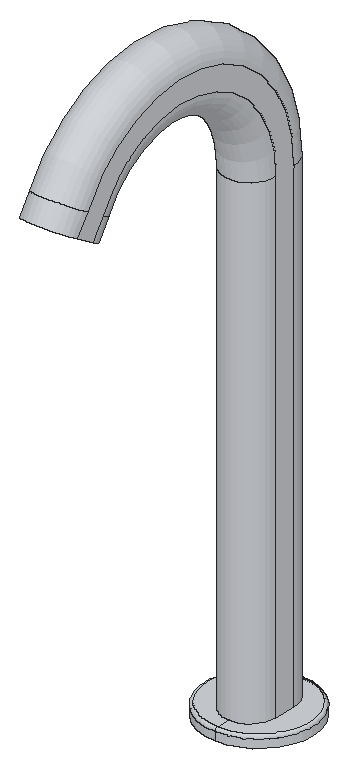
Revit family "Faucet_Touchless-Lavatory-KOHLER-OBLO-K-8399T_1", category Plumbing Fixtures, host Face, Revit 2021
Family settings
  Host = Face
  Round Connector Dimension = Use Diameter
  Part Type = Normal
  OmniClass Number = 23.31.11.00
  OmniClass Title = Faucets
  Cut with Voids When Loaded = No
  Shared = No
  Room Calculation Point = No
Parameters (values of type "Without Power Box, CP-Polished Chrome")
  Width = 2 73/256"  # constant formula
  WaterSense Certified = 1 = 0  # no
  Waste Water Outlet = "Waste Water Outlet"  # constant formula
  Waste Connection = 1 = 0  # no
  Voltage = 220 V  # constant formula
  Vent Connection = 1 = 0  # no
  URL = "http://www.kohler.com.cn/"
  Type = 1
  Spout Reach = 5 15/64"  # constant formula
  Product Page URL = "https://www.kohler.com.cn/product/K-8399T-NW/K-8399T-NW-CP/"
  Product Name = "Oblo"  # constant formula
  Product Documentation Link = "https://files.kohler.com.cn/pdfs/1655384271855_K-8399T-NW-CP.pdf"
  Pressure = 60.00 psi  # constant formula
  Model = if(Type = 1, "K-8399T-NW-CP", if(Type = 2, "K-8399T-CP", "NA"))  # "K-8399T-NW-CP"
  Material = "Brass Construction"  # constant formula
  Master Format 2014 Name = "Residential Faucets, Supplies, and Trim"  # constant formula
  Master Format 2014 = "22 41 39"  # constant formula
  Manufacturer Address = "Kohler Beijing Office (100016)36-2-03-B, No. 88, Liuxiang Road, Beijing"  # constant formula
  Manufacturer = "Kohler Co."  # constant formula
  Length = Spout Reach  # 5 15/64"
  Hot Water Inlet = "Hot Water Inlet"  # constant formula
  Height = 13 117/128"  # constant formula
  HW Connection = 1 = 0  # no
  Flow Rate = 0.5 GPM  # constant formula
  Finish = Kohler-Metal-CP-Polished_Chrome
  Environmental Product Declaration = ""
  Electrical Note = "One Dedicated Circuit Required"  # constant formula
  Electrical Connector = 1 = 1  # yes
  Drain Included = 1 = 1  # yes
  Description = if(or(Type = 1), "Bowl Sensor Faucet - Single Cool, 1.9 L (without power box)", if(or(Type = 2), "Opel bowl and basin induction faucet AC (single cooling type with AC power box)", "NA"))  # "Bowl Sensor Faucet - Single Cool, 1.9 L (without power box)"
  Default Elevation = 36"
  Declare Label = ""
  Date Modified = "12/09/2022"  # constant formula
  Date Created = "11/27/2020"  # constant formula
  Copyright = "Copyright Kohler Co."  # constant formula
  Contact Us = "http://www.kohler.com.cn/contact/contact-us/"
  Cold Water Inlet = "Cold Water Inlet"  # constant formula
  CW Connection = 1 = 1  # yes
  Assembly Code = "D2010"
  Apparent Load = 0 VA
  ADA Compliant = 1 = 0  # no
Types (3): name | Type | Product Page URL | Product Documentation Link | Model | Description
  (no name) | 1 | "https://www.kohler.com.cn/product/K-8399T-NW/K-8399T-NW-CP/" | "https://files.kohler.com.cn/pdfs/1655384271855_K-8399T-NW-CP.pdf" | "K-8399T-NW-CP" | "Bowl Sensor Faucet - Single Cool, 1.9 L (without power box)"
  Without Power Box, CP-Polished Chrome | 1 | "https://www.kohler.com.cn/product/K-8399T-NW/K-8399T-NW-CP/" | "https://files.kohler.com.cn/pdfs/1655384271855_K-8399T-NW-CP.pdf" | "K-8399T-NW-CP" | "Bowl Sensor Faucet - Single Cool, 1.9 L (without power box)"
  With Power Box, CP-Polished Chrome | 2 | "" | "" | "K-8399T-CP" | "Opel bowl and basin induction faucet AC (single cooling type with AC power box)"
Reference planes (in)
  plane 1 "Center (Front/Back)": y = 0
  plane 2: z = 0
  plane 3 "Center (Left/Right)": x = 0
  plane 4: y = -1.14173
  plane 5: y = 1.14173
  plane 6: x = 1.14342
  plane 7: x = -1.14173
  plane 8: z = 13.91406
  plane 9: z = 11.41732
  plane 10: y = -5.23438
  plane 11: y = -5.91423
  plane 12: y = 0.52423
Dimensions and locks (in)
  "Width": plane 7 to plane 6
  "Length": plane 1 "Center (Front/Back)" to plane 10
  "Height": plane 8 to level
  plane 9 to level = 11.41732"
  aligned and locked: plane 2 to host face
  aligned and locked: level to host face
Automatic sketch dimensions
  host sketch curve to host sketch curve = 96"  (x2)
Nested families (in)
  nested 1: "K-8399T" at (0, 0, 0), type "K-8399T"
Connectors (in)
  piping at (0, 0, 0), diameter 0.375, driven by "Flow Rate", driven by "Pressure", driven by "CW Connection", driven by "Cold Water Inlet"
    settings: on nested 1, index 2, connector inside diameter 24", connector length 0", flow factor 0, pipe flow 0.5 GPM, pressure drop 60.00 psi, fitting loss kfactor 0, connector angle 0.00°, fixture units 0, engagement length 0", angle of deflection 0.00°, flow configuration 1, flow direction 1, fitting loss method 4, system type 20, joint type 0, gender type 0, connector reference index -1, connector utility 1, adjustable connector no, is connector primary yes, connector description "Cold Water Inlet"
  electrical at (0, 0.52423, 0), driven by "Voltage", driven by "Electrical Connector", driven by "Electrical Note"
    settings: on nested 1, index 3, voltage 220 V, apparent load 0 VA, apparent load phase1 0 VA, apparent load phase2 0 VA, apparent load phase3 0 VA, power factor 1, load classification "Power", number of poles 1, system type 30, power factor state 1, is connector primary yes, connector utility yes, sub classification motor no, connector description "One Dedicated Circuit Required"
Definition of nested family "K-8399T"
  Parameters (values of type "K-8399T")
    Material = none
    Default Elevation = 0"
  Reference planes (in)
    plane 1 "Center (Front/Back)": y = 0
    plane 2: z = 0
    plane 3 "Center (Left/Right)": x = 0
    plane 4: y = -5.23622
    plane 5: y = -0.7874
    plane 6: y = 0.7874
    plane 7: z = 11.41732
    plane 8: x = 0.55118
    plane 9: x = -0.55118
    plane 10: through (0, -4.56299, 11.01281) normal (0, 0.515, 0.8572)
    plane 11: x = 1.14173
    plane 12: x = -1.14173
    plane 13: y = 1.14173
    plane 14: y = -1.14173
    plane 15: y = -5.91243
    plane 16: z = 0.23622
    plane 17: z = 13.9146
    plane 18: y = 0.52423
  Forms (in)
    Sweep 1, solid, material <- "Material", detail levels medium+fine
      path origin (0, 0, 0) x (0, 1, 0) y (0, 0, 1)
        loop
          line (0, 0.23622) -> (0, 10.43758)
          arc (0, 10.43758) -> (-1.97038, 13.02876) -> (-4.99388, 11.8225) r 2.68898
          line (-4.99388, 11.8225) -> (-5.23703, 11.41784)
      profile origin (0, 0, 5.3369) x (0, -1, 0) y (1, 0, 0)
        loop
          arc (-0.23671, 0.55118) -> (-0.78789, 0) -> (-0.23671, -0.55118) r 0.55118
          line (-0.23671, -0.55118) -> (0.23575, -0.55118)
          arc (0.23575, -0.55118) -> (0.78693, 0) -> (0.23575, 0.55118) r 0.55118
          line (0.23575, 0.55118) -> (-0.23671, 0.55118)
    Revolve 2, solid, material <- "Material", detail levels medium+fine
      sketch origin (0, 0, 0) x (0, 1, 0) y (0, 0, 1)
        loop
          line (0, 0) -> (1.14173, 0) -> (1.14173, 0.17587)
          arc (1.14173, 0.17587) -> (1.12406, 0.21854) -> (1.08138, 0.23622) r 0.06035
          line (1.08138, 0.23622) -> (0, 0.23622) -> (0, 0)
        axis (0, 0.23622) -> (0, 0)
      angle from 0 to 360
    Revolve 3, void
      sketch origin (0, 0.13356, -0.08025) x (0, 1, 0) y (0, 0, 1)
        loop
          line (-5.52174, 12.16763) -> (-5.75813, 11.78933)
          arc (-5.75813, 11.78933) -> (-5.80689, 11.75422) -> (-5.86628, 11.76336) r 0.07934
          line (-5.86628, 11.76336) -> (-5.89778, 11.78229) -> (-5.93363, 11.72264) -> (-5.69193, 11.57741) -> (-5.65671, 11.63165) -> (-5.68753, 11.65167)
          arc (-5.68753, 11.65167) -> (-5.72178, 11.70104) -> (-5.7116, 11.76025) r 0.07934
          line (-5.7116, 11.76025) -> (-5.47521, 12.13855) -> (-5.52174, 12.16763)
        axis (-5.14102, 11.92973) -> (-5.45666, 11.4246)
      angle from 0 to 360
    Extrusion 4, void
      sketch origin (0, -4.56299, 11.01281) x (0, -0.857167, 0.515038) y (-1, 0, 0)
        loop
          circle (0.81389, 0.00065) r 0.27559
      from -0.09547 to 0.20368
    Extrusion 5, solid, material <- "Material", detail levels medium+fine
      sketch origin (0, 0, 0) x (1, 0, 0) y (0, 1, 0)
        loop
          circle (0, 0) r 0.11811
        loop
          circle (0, 0.52423) r 0.11811
      from 0 to 0.05906
    Sweep 6, solid, material <- "Material", detail levels coarse
      path origin (0, 0, 0) x (0, 1, 0) y (0, 0, 1)
        loop
          line (0.00048, 0.23622) -> (0.00048, 10.43931)
          arc (0.00048, 10.43931) -> (-1.9699, 13.03048) -> (-4.9934, 11.82423) r 2.68898
          line (-4.9934, 11.82423) -> (-5.23744, 11.41809)
      profile origin (0, 0.00048, 5.33776) x (0, -1, 0) y (1, 0, 0)
        loop
          line (-0.23623, -0.66929) -> (0.23623, -0.66929)
          arc (0.23623, -0.66929) -> (0.90552, 0) -> (0.23623, 0.66929) r 0.66929
          line (0.23623, 0.66929) -> (-0.23623, 0.66929)
          arc (-0.23623, 0.66929) -> (-0.90552, 0) -> (-0.23623, -0.66929) r 0.66929
    Revolve 7, solid, material <- "Material", detail levels coarse
      sketch origin (0, 0, 0) x (0, 1, 0) y (0, 0, 1)
        loop
          line (0, 0.26083) -> (0, 0) -> (1.16634, 0) -> (1.16634, 0.20065)
          arc (1.16634, 0.20065) -> (1.14871, 0.2432) -> (1.10616, 0.26083) r 0.06018
          line (1.10616, 0.26083) -> (0, 0.26083)
        axis (0, 0.26083) -> (0, 0)
      angle from 0 to 360
    Extrusion 8, solid, detail levels medium+fine
      sketch origin (0, -4.49477, 10.97181) x (0, 0.857167, -0.515038) y (-1, 0, 0)
        loop
          line (-1.00788, 0.03404) -> (-0.94969, 0.02402)
          arc (-0.94969, 0.02402) -> (-0.95168, 0.00027) -> (-0.94956, -0.02347) r 0.1378
          line (-0.94956, -0.02347) -> (-1.00776, -0.03349)
          arc (-1.00776, -0.03349) -> (-0.98832, -0.09058) -> (-0.95252, -0.13911) r 0.19685
          line (-0.95252, -0.13911) -> (-0.91093, -0.09718)
          arc (-0.91093, -0.09718) -> (-0.89262, -0.11244) -> (-0.87195, -0.12432) r 0.1378
          line (-0.87195, -0.12432) -> (-0.89712, -0.17774)
          arc (-0.89712, -0.17774) -> (-0.81389, -0.1962) -> (-0.73065, -0.17774) r 0.19685
          line (-0.73065, -0.17774) -> (-0.75583, -0.12432)
          arc (-0.75583, -0.12432) -> (-0.73516, -0.11244) -> (-0.71685, -0.09718) r 0.1378
          line (-0.71685, -0.09718) -> (-0.67526, -0.13911)
          arc (-0.67526, -0.13911) -> (-0.63942, -0.09053) -> (-0.62, -0.03336) r 0.19685
          line (-0.62, -0.03336) -> (-0.6782, -0.02335)
          arc (-0.6782, -0.02335) -> (-0.67609, 0.00027) -> (-0.67807, 0.0239) r 0.1378
          line (-0.67807, 0.0239) -> (-0.61987, 0.03391)
          arc (-0.61987, 0.03391) -> (-0.63913, 0.09125) -> (-0.67488, 0.14002) r 0.19685
          line (-0.67488, 0.14002) -> (-0.71647, 0.0981)
          arc (-0.71647, 0.0981) -> (-0.73481, 0.11349) -> (-0.75553, 0.12548) r 0.1378
          line (-0.75553, 0.12548) -> (-0.73036, 0.1789)
          arc (-0.73036, 0.1789) -> (-0.81389, 0.1975) -> (-0.89742, 0.1789) r 0.19685
          line (-0.89742, 0.1789) -> (-0.87224, 0.12548)
          arc (-0.87224, 0.12548) -> (-0.89297, 0.11349) -> (-0.91131, 0.0981) r 0.1378
          line (-0.91131, 0.0981) -> (-0.9529, 0.14002)
          arc (-0.9529, 0.14002) -> (-0.98862, 0.0913) -> (-1.00788, 0.03404) r 0.19685
      from 0 to 0.09547
    Revolve 9, void
      sketch origin (0, 0, 0) x (0, 1, 0) y (0, 0, 1)
        loop
          line (-4.49711, 11.29947) -> (-4.34851, 11.2077) -> (-4.28128, 11.31656) -> (-4.43099, 11.40652) -> (-4.49711, 11.29947)
        axis (-4.28128, 11.31656) -> (-4.43231, 11.40731)
      angle from 0 to 360
    Revolve 10, solid, detail levels medium+fine
      sketch origin (0, 0, 0) x (0, 1, 0) y (0, 0, 1)
        loop
          line (-4.49603, 11.29829) -> (-4.41871, 11.25184) -> (-4.35368, 11.36006) -> (-4.43099, 11.40652) -> (-4.49603, 11.29829)
        axis (-4.43099, 11.40652) -> (-4.35368, 11.36006)
      angle from 0 to 360
  Cuts and joins
    Revolve 3, Extrusion 4, Revolve 9 cuts Sweep 1
    joined: Sweep 1, Revolve 2
    Revolve 3, Extrusion 4 cuts Sweep 6
    joined: Sweep 6, Revolve 7
  Lines and regions (in)
    Masking region 1
      outline origin (0, 0, 0) x (1, 0, 0) y (0, 1, 0)
        loop
          line (-0.55118, -0.99988) -> (-0.55118, -5.36125)
          arc (-0.55118, -5.36125) -> (0, -5.91243) -> (0.55118, -5.36125) r 0.55118
          line (0.55118, -5.36125) -> (0.55118, -0.99988)
          arc (0.55118, -0.99988) -> (0, 1.14173) -> (-0.55118, -0.99988) r 1.14173
    Masking region 2
      outline origin (0, 0, 0) x (1, 0, 0) y (0, 0, 1)
        loop
          arc (-1.08268, 0.23622) -> (-1.12444, 0.21892) -> (-1.14173, 0.17717) r 0.05906
          line (-1.14173, 0.17717) -> (-1.14173, 0) -> (1.14173, 0) -> (1.14173, 0.17717)
          arc (1.14173, 0.17717) -> (1.12444, 0.21892) -> (1.08268, 0.23622) r 0.05906
          line (1.08268, 0.23622) -> (0.55118, 0.23622) -> (0.55118, 13.36405)
          arc (0.55118, 13.36405) -> (0, 13.91523) -> (-0.55118, 13.36405) r 0.55118
          line (-0.55118, 13.36405) -> (-0.55118, 0.23622) -> (-1.08268, 0.23622)
    Masking region 3
      outline origin (0, 0, 0) x (0, 1, 0) y (0, 0, 1)
        loop
          line (1.14173, 0) -> (1.14173, 0.17717)
          arc (1.14173, 0.17717) -> (1.12444, 0.21892) -> (1.08268, 0.23622) r 0.05906
          line (1.08268, 0.23622) -> (0.78789, 0.23622) -> (0.78789, 10.4378)
          arc (0.78789, 10.4378) -> (-1.75978, 13.78815) -> (-5.66912, 12.22849) r 3.47681
          line (-5.66912, 12.22849) -> (-5.91239, 11.82361) -> (-4.56251, 11.01251) -> (-4.31884, 11.41804)
          arc (-4.31884, 11.41804) -> (-2.18076, 12.27105) -> (-0.7874, 10.43869) r 1.90152
          line (-0.7874, 10.43869) -> (-0.7874, 0.23622) -> (-1.08268, 0.23622)
          arc (-1.08268, 0.23622) -> (-1.12444, 0.21892) -> (-1.14173, 0.17717) r 0.05906
          line (-1.14173, 0.17717) -> (-1.14173, 0) -> (1.14173, 0)
    symbolic lines, detail levels medium+fine
      curve 1: arc (0.55118, -0.93612, 0) -> (0, 1.08633, 0) -> (-0.55118, -0.93612, 0) r 1.08633
      curve 2: arc (-0.55118, 0.23671, 0) -> (0, 0.78789, 0) -> (0.55118, 0.23671, 0) r 0.55118
      curve 3: line (-0.55118, 0.23671, 0) -> (-0.55118, -0.99988, 0)
      curve 4: line (0.55118, 0.23671, 0) -> (0.55118, -0.99988, 0)
      curve 5: spline (-0.55118, 0, 11.28018) -> (-0.5324, 0, 11.2067) -> (-0.47734, 0, 11.13824) -> (-0.38974, 0, 11.07944) -> (-0.27559, 0, 11.03433) -> (-0.14266, 0, 11.00597) -> (0, 0, 10.9963) -> (0.14266, 0, 11.00597) -> (0.27559, 0, 11.03433) -> (0.38974, 0, 11.07944) -> (0.47734, 0, 11.13824) -> (0.5324, 0, 11.2067) -> (0.55118, 0, 11.28018)
      curve 6: spline (0.55118, 0, 11.52351) -> (0.5324, 0, 11.59699) -> (0.47734, 0, 11.66545) -> (0.38974, 0, 11.72425) -> (0.27559, 0, 11.76936) -> (0.14266, 0, 11.79772) -> (0, 0, 11.80739) -> (-0.14266, 0, 11.79772) -> (-0.27559, 0, 11.76936) -> (-0.38974, 0, 11.72425) -> (-0.47734, 0, 11.66545) -> (-0.5324, 0, 11.59699) -> (-0.55118, 0, 11.52351)
      curve 7: spline (0, 0, 11.18439) -> (-0.12226, 0, 11.19285) -> (-0.23612, 0, 11.21729) -> (-0.33386, 0, 11.25606) -> (-0.40883, 0, 11.30651) -> (-0.45595, 0, 11.36522) -> (-0.47202, 0, 11.42821) -> (-0.45595, 0, 11.49121) -> (-0.40883, 0, 11.54992) -> (-0.33386, 0, 11.60037) -> (-0.23612, 0, 11.63914) -> (-0.12226, 0, 11.66358) -> (0, 0, 11.67204)
      curve 8: spline (0, 0, 11.67204) -> (0.12226, 0, 11.66358) -> (0.23612, 0, 11.63914) -> (0.33386, 0, 11.60037) -> (0.40883, 0, 11.54992) -> (0.45595, 0, 11.49121) -> (0.47202, 0, 11.42821) -> (0.45595, 0, 11.36522) -> (0.40883, 0, 11.30651) -> (0.33386, 0, 11.25606) -> (0.23612, 0, 11.21729) -> (0.12226, 0, 11.19285) -> (0, 0, 11.18439)
      curve 9: line (-0.55118, 0, 0.23622) -> (0.55118, 0, 0.23622)
      curve 10: line (1.14173, 0, 0.17717) -> (-1.14173, 0, 0.17717)
      curve 11: line (0, 0.78789, 0.23622) -> (0, -0.78789, 0.23622)
      curve 12: line (0, -1.14173, 0.17717) -> (0, 1.14173, 0.17717)
      curve 13: spline (-0.03404, 0, 11.49091) -> (-0.04396, 0, 11.4899) -> (-0.05376, 0, 11.48862) -> (-0.06342, 0, 11.48709) -> (-0.07291, 0, 11.4853) -> (-0.08221, 0, 11.48327) -> (-0.0913, 0, 11.48099) -> (-0.10015, 0, 11.47847) -> (-0.10874, 0, 11.47573) -> (-0.11704, 0, 11.47276) -> (-0.12504, 0, 11.46957) -> (-0.13271, 0, 11.46618) -> (-0.14002, 0, 11.46259)
      curve 14: line (-0.02402, 0, 11.46094) -> (-0.03404, 0, 11.49091)
      curve 15: spline (0.02347, 0, 11.46087) -> (0.01955, 0, 11.4612) -> (0.0156, 0, 11.46147) -> (0.01165, 0, 11.46168) -> (0.00768, 0, 11.46184) -> (0.00371, 0, 11.46193) -> (-0.00027, 0, 11.46196) -> (-0.00425, 0, 11.46194) -> (-0.00822, 0, 11.46186) -> (-0.01219, 0, 11.46172) -> (-0.01615, 0, 11.46151) -> (-0.02009, 0, 11.46125) -> (-0.02402, 0, 11.46094)
      curve 16: line (0.03349, 0, 11.49084) -> (0.02347, 0, 11.46087)
      curve 17: spline (0.13911, 0, 11.46239) -> (0.13182, 0, 11.46599) -> (0.12419, 0, 11.46939) -> (0.11623, 0, 11.47258) -> (0.10796, 0, 11.47555) -> (0.0994, 0, 11.47831) -> (0.09058, 0, 11.48084) -> (0.08153, 0, 11.48312) -> (0.07225, 0, 11.48517) -> (0.06279, 0, 11.48697) -> (0.05315, 0, 11.48852) -> (0.04338, 0, 11.48981) -> (0.03349, 0, 11.49084)
      curve 18: line (0.09718, 0, 11.44097) -> (0.13911, 0, 11.46239)
      curve 19: spline (0.12432, 0, 11.4209) -> (0.12259, 0, 11.42274) -> (0.12076, 0, 11.42456) -> (0.11883, 0, 11.42635) -> (0.1168, 0, 11.42811) -> (0.11467, 0, 11.42984) -> (0.11244, 0, 11.43154) -> (0.11013, 0, 11.43321) -> (0.10771, 0, 11.43484) -> (0.10521, 0, 11.43643) -> (0.10262, 0, 11.43798) -> (0.09994, 0, 11.4395) -> (0.09718, 0, 11.44097)
      curve 20: line (0.17774, 0, 11.43386) -> (0.12432, 0, 11.4209)
      curve 21: spline (0.17774, 0, 11.34813) -> (0.18332, 0, 11.35492) -> (0.18793, 0, 11.3619) -> (0.19153, 0, 11.36904) -> (0.19412, 0, 11.37629) -> (0.19568, 0, 11.38362) -> (0.1962, 0, 11.391) -> (0.19568, 0, 11.39837) -> (0.19412, 0, 11.4057) -> (0.19153, 0, 11.41295) -> (0.18793, 0, 11.42009) -> (0.18332, 0, 11.42707) -> (0.17774, 0, 11.43386)
      curve 22: line (0.12432, 0, 11.36109) -> (0.17774, 0, 11.34813)
      curve 23: spline (0.09718, 0, 11.34102) -> (0.09994, 0, 11.34249) -> (0.10262, 0, 11.34401) -> (0.10521, 0, 11.34556) -> (0.10771, 0, 11.34715) -> (0.11013, 0, 11.34878) -> (0.11244, 0, 11.35045) -> (0.11467, 0, 11.35215) -> (0.1168, 0, 11.35388) -> (0.11883, 0, 11.35564) -> (0.12076, 0, 11.35743) -> (0.12259, 0, 11.35925) -> (0.12432, 0, 11.36109)
      curve 24: line (0.13911, 0, 11.3196) -> (0.09718, 0, 11.34102)
      curve 25: spline (0.03336, 0, 11.29113) -> (0.04326, 0, 11.29216) -> (0.05305, 0, 11.29345) -> (0.06269, 0, 11.295) -> (0.07217, 0, 11.2968) -> (0.08146, 0, 11.29885) -> (0.09053, 0, 11.30114) -> (0.09935, 0, 11.30367) -> (0.10792, 0, 11.30642) -> (0.1162, 0, 11.3094) -> (0.12417, 0, 11.3126) -> (0.13182, 0, 11.316) -> (0.13911, 0, 11.3196)
      curve 26: line (0.02335, 0, 11.32111) -> (0.03336, 0, 11.29113)
      curve 27: spline (-0.0239, 0, 11.32104) -> (-0.01999, 0, 11.32073) -> (-0.01606, 0, 11.32047) -> (-0.01213, 0, 11.32027) -> (-0.00818, 0, 11.32013) -> (-0.00423, 0, 11.32005) -> (-0.00027, 0, 11.32003) -> (0.00369, 0, 11.32006) -> (0.00764, 0, 11.32015) -> (0.01158, 0, 11.32031) -> (0.01552, 0, 11.32052) -> (0.01944, 0, 11.32078) -> (0.02335, 0, 11.32111)
      curve 28: line (-0.03391, 0, 11.29107) -> (-0.0239, 0, 11.32104)
      curve 29: spline (-0.14002, 0, 11.3194) -> (-0.1327, 0, 11.31581) -> (-0.12502, 0, 11.31241) -> (-0.11702, 0, 11.30922) -> (-0.1087, 0, 11.30625) -> (-0.10011, 0, 11.3035) -> (-0.09125, 0, 11.30099) -> (-0.08215, 0, 11.29871) -> (-0.07283, 0, 11.29667) -> (-0.06332, 0, 11.29489) -> (-0.05365, 0, 11.29335) -> (-0.04384, 0, 11.29208) -> (-0.03391, 0, 11.29107)
      curve 30: line (-0.0981, 0, 11.34082) -> (-0.14002, 0, 11.3194)
      curve 31: spline (-0.12548, 0, 11.36094) -> (-0.12373, 0, 11.35909) -> (-0.12188, 0, 11.35726) -> (-0.11993, 0, 11.35547) -> (-0.11788, 0, 11.3537) -> (-0.11574, 0, 11.35197) -> (-0.11349, 0, 11.35027) -> (-0.11115, 0, 11.3486) -> (-0.10872, 0, 11.34696) -> (-0.10619, 0, 11.34537) -> (-0.10358, 0, 11.34381) -> (-0.10088, 0, 11.3423) -> (-0.0981, 0, 11.34082)
      curve 32: line (-0.1789, 0, 11.34797) -> (-0.12548, 0, 11.36094)
      curve 33: spline (-0.1789, 0, 11.43402) -> (-0.18452, 0, 11.4272) -> (-0.18916, 0, 11.42019) -> (-0.19279, 0, 11.41303) -> (-0.1954, 0, 11.40575) -> (-0.19697, 0, 11.39839) -> (-0.1975, 0, 11.391) -> (-0.19697, 0, 11.3836) -> (-0.1954, 0, 11.37624) -> (-0.19279, 0, 11.36896) -> (-0.18916, 0, 11.3618) -> (-0.18452, 0, 11.35479) -> (-0.1789, 0, 11.34797)
      curve 34: line (-0.12548, 0, 11.42105) -> (-0.1789, 0, 11.43402)
      curve 35: spline (-0.0981, 0, 11.44117) -> (-0.10088, 0, 11.43969) -> (-0.10358, 0, 11.43818) -> (-0.10619, 0, 11.43662) -> (-0.10872, 0, 11.43503) -> (-0.11115, 0, 11.43339) -> (-0.11349, 0, 11.43173) -> (-0.11574, 0, 11.43002) -> (-0.11788, 0, 11.42829) -> (-0.11993, 0, 11.42652) -> (-0.12188, 0, 11.42473) -> (-0.12373, 0, 11.4229) -> (-0.12548, 0, 11.42105)
      curve 36: line (-0.14002, 0, 11.46259) -> (-0.0981, 0, 11.44117)
      curve 37: spline (-0.00118, 0, 11.29007) -> (0.07016, 0, 11.29484) -> (0.13669, 0, 11.30895) -> (0.19385, 0, 11.33145) -> (0.23775, 0, 11.36081) -> (0.26541, 0, 11.39501) -> (0.27494, 0, 11.43174) -> (0.26569, 0, 11.46848) -> (0.23829, 0, 11.50274) -> (0.1946, 0, 11.53218) -> (0.13761, 0, 11.5548) -> (0.0712, 0, 11.56905) -> (-0.00011, 0, 11.57395)
      curve 38: spline (-0.00011, 0, 11.57395) -> (-0.07146, 0, 11.56919) -> (-0.13798, 0, 11.55507) -> (-0.19514, 0, 11.53257) -> (-0.23905, 0, 11.50322) -> (-0.26671, 0, 11.46902) -> (-0.27624, 0, 11.43229) -> (-0.26698, 0, 11.39554) -> (-0.23958, 0, 11.36128) -> (-0.1959, 0, 11.33184) -> (-0.13891, 0, 11.30923) -> (-0.07249, 0, 11.29498) -> (-0.00118, 0, 11.29007)
      curve 39: spline (0, 0, 11.61101) -> (-0.08946, 0, 11.60499) -> (-0.17284, 0, 11.58724) -> (-0.24445, 0, 11.55897) -> (-0.2994, 0, 11.52212) -> (-0.33395, 0, 11.4792) -> (-0.34574, 0, 11.43313) -> (-0.33395, 0, 11.38706) -> (-0.2994, 0, 11.34413) -> (-0.24445, 0, 11.30728) -> (-0.17284, 0, 11.27901) -> (-0.08946, 0, 11.26126) -> (0, 0, 11.25524)
      curve 40: spline (0, 0, 11.25524) -> (0.08946, 0, 11.26126) -> (0.17284, 0, 11.27901) -> (0.24445, 0, 11.30728) -> (0.2994, 0, 11.34413) -> (0.33395, 0, 11.38706) -> (0.34574, 0, 11.43313) -> (0.33395, 0, 11.4792) -> (0.2994, 0, 11.52212) -> (0.24445, 0, 11.55897) -> (0.17284, 0, 11.58724) -> (0.08946, 0, 11.60499) -> (0, 0, 11.61101)
      curve 41: line (0.36382, 0, 11.58337) -> (0.36169, 0, 11.49436)
      curve 42: arc (0.36169, 0, 11.49436) -> (0.35531, 0, 11.44484) -> (0.33882, 0, 11.39771) r 0.24002
      curve 43: line (-0.36382, 0, 11.58337) -> (-0.36169, 0, 11.49436)
      curve 44: arc (-0.36169, 0, 11.49436) -> (-0.35531, 0, 11.44484) -> (-0.33882, 0, 11.39771) r 0.24002
      curve 45: arc (-0.55118, -5.36125, 0) -> (0, -5.64334, 0) -> (0.55118, -5.36125, 0) r 0.67953
      curve 46: arc (-0.03922, -5.69853, 0) -> (0.00121, -5.70747, 0) -> (0.042, -5.70035, 0) r 0.10672
      curve 47: arc (-0.06823, -5.74085, 0) -> (0.00087, -5.75366, 0) -> (0.07005, -5.74125, 0) r 0.19584
      curve 48: arc (-0.55118, 0, 12.19286) -> (0, 0, 12.33316) -> (0.55118, 0, 12.19286) r 1.15283
      curve 49: arc (-0.08123, 0, 12.19204) -> (-0.00088, 0, 12.17578) -> (0.07863, 0, 12.1957) r 0.18572
      curve 50: arc (-0.12008, 0, 12.1373) -> (-0.00011, 0, 12.10603) -> (0.11974, 0, 12.13779) r 0.24389
      curve 51: line (-0.0145, -5.65704, 0) -> (0.01594, -5.65704, 0)
      curve 52: line (-0.0145, -5.68087, 0) -> (-0.0145, -5.65704, 0)
      curve 53: line (0.01594, -5.68087, 0) -> (-0.0145, -5.68087, 0)
      curve 54: line (0.01594, -5.65704, 0) -> (0.01594, -5.68087, 0)
      curve 55: line (-0.03922, -5.69853, 0) -> (-0.05131, -5.71617, 0)
      curve 56: line (0.042, -5.70035, 0) -> (0.0542, -5.71815, 0)
      curve 57: arc (-0.0813, -5.75991, 0) -> (0.00087, -5.77642, 0) -> (0.08314, -5.76034, 0) r 0.21552
      curve 58: arc (-0.05131, -5.71617, 0) -> (0.00123, -5.7287, 0) -> (0.0542, -5.71815, 0) r 0.1264
      curve 59: line (-0.06823, -5.74085, 0) -> (-0.0813, -5.75991, 0)
      curve 60: line (0.07005, -5.74125, 0) -> (0.08314, -5.76034, 0)
      curve 61: line (-0.01871, 0, 12.26612) -> (0.01818, 0, 12.26612)
      curve 62: line (-0.01871, 0, 12.23289) -> (-0.01871, 0, 12.26612)
      curve 63: line (0.01818, 0, 12.23289) -> (-0.01871, 0, 12.23289)
      curve 64: line (0.01818, 0, 12.26612) -> (0.01818, 0, 12.23289)
      curve 65: line (-0.08123, 0, 12.19204) -> (-0.09929, 0, 12.1666)
      curve 66: line (0.07863, 0, 12.1957) -> (0.09643, 0, 12.17061)
      curve 67: arc (-0.13769, 0, 12.1125) -> (-0.00011, 0, 12.07404) -> (0.13733, 0, 12.11301) r 0.26358
      curve 68: arc (-0.09929, 0, 12.1666) -> (-0.00092, 0, 12.14379) -> (0.09643, 0, 12.17061) r 0.20541
      curve 69: line (-0.12008, 0, 12.1373) -> (-0.13769, 0, 12.1125)
      curve 70: line (0.11974, 0, 12.13779) -> (0.13733, 0, 12.11301)
  Dimensions and locks (in)
    plane 1 "Center (Front/Back)" to plane 15 = 5.91243"
    aligned and locked: level to plane 2
